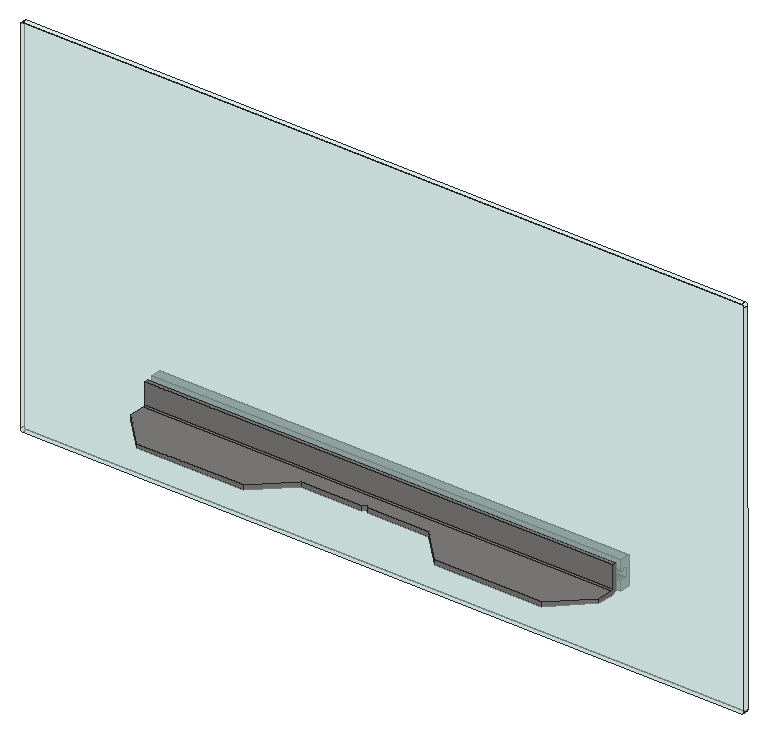
Revit family "Casual_Space_Division-Teknion-HNBCDG_Navigate_Desk_Edge_Screen_Glass-R2016", category Furniture, Revit 2016
Family settings
  OmniClass Number = 23.40.20.00
  OmniClass Title = General Furniture and Specialties
  Work Plane-Based = Yes
  Always vertical = Yes
  Cut with Voids When Loaded = No
  Shared = Yes
  Room Calculation Point = No
Parameters (values of type "13" Height")
  Width [instance] = 46.000"
  Warranty = "http://www.teknion.com/ca/papers/legal-canada"
  Unit Weight URL = "http://www.teknion.com/ca/tools/assets#&asset=bee6a381-b954-425e-8283-5a2de3a804f2,f828d448-4b62-4231-9e5f-9a8991c0ed77"
  URL = "www.teknion.com"
  To render please download texture images found here [instance] = "https://assets.teknion.com/web/5e81352c1dfdb467/revit-material-swatches/"
  Sustainability Data = "https://www.teknion.com/ca/tools/assets#&topic=216f99a5-57a0-44fc-b10a-9dee9b29ae4c&asset=444deb64-fe58-4b68-981e-f75e97781df7,b4ff2d81-9f2e-437d-9659-7cffb09c31cf"
  Series = "Height-Adjustable Bench"  # constant formula
  Screen Finish [instance] = Glass - Teknion - FT - Frosted Glass
  Product Page URL = "https://www.teknion.com/products/product-details?productLineId=8551336e-8e7a-673b-a6c8-ff00004460c4"
  Product Line = "Height-Adjustable Bench"  # constant formula
  Product Documentation Link = "https://www.teknion.com/pricing/hab/pdfs/HNBCDG_ppg.pdf"
  Part Number = "HNBCDG_"  # constant formula
  Model = "HNBCDG13___"
  Manufacturer Phone = "416-661-3370"  # constant formula
  Manufacturer Fax = "416.661.4586"  # constant formula
  Manufacturer Contact Information = "http://www.teknion.com/ca/contactus"
  Manufacturer Address = "1150 Flint Road, Toronto, ON. M3J 2J5. Canada"  # constant formula
  Manufacturer = "Teknion"  # constant formula
  How To Use Teknion Materials User Guide [instance] = "https://assets.teknion.com/m/205dd0a49fa58060/original/How-to-add-a-Material-Library-and-Texture-Images-to-your-Revit-project.pdf"
  Height = 13.00021"
  For Additional Finishes please visit [instance] = "https://assets.teknion.com/m/44a8009b046e5d47/original/Teknion_Materials_Library.zip"
  Description = "Navigate Desk Edge Screen – Glass, 13\" Height"
  Default Elevation = 48.000"
  Bracket Length [instance] = if(Width = 46.000", 8.000", if(and(Width > 51.000", Width < 63.000"), 11.000", if(and(Width > 63.000", Width < 76.000"), 14.000", if(and(Width > 75.000", Width < 83.000"), 17.000", 8.000"))))  # 8.000"
  Bracket Finish [instance] = Seamless Paint - Teknion - 24 - Greystone
  Available Widths [instance] = "46, 52, 58, 64, 70, 76, 82 inches."  # constant formula
  Assembly Code = "E2020200"
  Actual Width [instance] = Width - 12.000"  # 34.000"
Types (3): name | Model | Height | Description
  (no name) | "HNBCDG13___" | 13.00021" | "Navigate Desk Edge Screen – Glass, 13\" Height"
  13" Height | "HNBCDG13___" | 13.00021" | "Navigate Desk Edge Screen – Glass, 13\" Height"
  22" Height | "HNBCDG22___" | 22.000" | "Navigate Desk Edge Screen – Glass, 22\" Height"
Reference planes (in)
  plane 1 "Center Front/Back": y = 0.4569
  plane 2: z = 0
  plane 3 "Center Left/Right": x = 0
  plane 4 "Left": x = -17
  plane 5 "Right": x = 17
  plane 6 "Back": y = 0.9138
  plane 7 "Front": y = 0
  plane 8 "Top": z = 13.00021
  plane 9: z = -1.188
  plane 10: x = -11
  plane 11: x = 11
  plane 12: z = -4.24979
  plane 13: x = -3
  plane 14: x = 3
Forms (in)
  Sweep 1, solid, material "Seamless Paint - Teknion - 24 - Greystone" <- "Bracket Finish"
    path origin (0, 0, 0) x (1, 0, 0) y (0, 1, 0)
      loop
        line (-11, -2.75) -> (11, -2.75)
    profile origin (0, -2.75, 0) x (0, 1, 0) y (0, 0, 1)
      loop
        line (0.4388, -1) -> (0.4388, -1.188) -> (2.6908, -1.188)
        arc (2.6908, -1.188) -> (2.86616, -1.11536) -> (2.9388, -0.94) r 0.248
        line (2.9388, -0.94) -> (2.9388, 0.06) -> (2.75, 0.06) -> (2.75, -0.9408)
        arc (2.75, -0.9408) -> (2.73266, -0.98266) -> (2.6908, -1) r 0.0592
        line (2.6908, -1) -> (0.4388, -1)
      loop
        line (3.6638, -1.20979) -> (3.6638, 0.09021) -> (3.19691, 0.09021) -> (3.19691, -0.31579) -> (3.2638, -0.31579) -> (3.2638, -0.42979) -> (3.3338, -0.42979) -> (3.3338, -0.33479) -> (3.5638, -0.33479) -> (3.5638, -0.78479) -> (3.3338, -0.78479) -> (3.3338, -0.68979) -> (3.2638, -0.68979) -> (3.2638, -0.80379) -> (3.19691, -0.80379) -> (3.19691, -1.20979) -> (3.6638, -1.20979)
  Sweep 2, void
    path origin (0, 0.4569, 0) x (1, 0, 0) y (0, 0, 1)
      loop
        line (0, -4.24979) -> (0, -0.00359)
    profile origin (0, 0.4569, -2.12669) x (-1, 0, 0) y (0, -1, 0)
      loop
        line (11, 1.2689) -> (11, 4.2689) -> (-11, 4.2689) -> (-11, 1.2689) -> (-9.5, 2.7689) -> (-4.5, 2.7689) -> (-3, 1.2689) -> (-0.125, 1.2689) -> (0, 1.1439) -> (0.125, 1.2689) -> (3, 1.2689) -> (4.5, 2.7689) -> (9.5, 2.7689) -> (11, 1.2689)
  Sweep 3, solid, material "Glass - Teknion - FT - Frosted Glass" <- "Screen Finish"
    path origin (0, 0, 0) x (1, 0, 0) y (0, 1, 0)
      loop
        line (0, 0.21069) -> (0, 0.44691)
    profile origin (0, 0.3288, 0) x (-1, 0, 0) y (0, 0, 1)
      loop
        arc (16.875, -4.24979) -> (16.96339, -4.21318) -> (17, -4.12479) r 0.125
        line (17, -4.12479) -> (17, 12.87521)
        arc (17, 12.87521) -> (16.96339, 12.96359) -> (16.875, 13.00021) r 0.125
        line (16.875, 13.00021) -> (-16.875, 13.00021)
        arc (-16.875, 13.00021) -> (-16.96339, 12.96359) -> (-17, 12.87521) r 0.125
        line (-17, 12.87521) -> (-17, -4.12479)
        arc (-17, -4.12479) -> (-16.96339, -4.21318) -> (-16.875, -4.24979) r 0.125
        line (-16.875, -4.24979) -> (16.875, -4.24979)
Cuts and joins
  Sweep 2 cuts Sweep 1
Lines and regions (in)
  Masking region 1
    outline origin (0, 0, 0) x (1, 0, 0) y (0, 1, 0)
      loop
        line (17, 0.21069) -> (17, 0.44691) -> (-17, 0.44691) -> (-17, 0.21069) -> (17, 0.21069)
  Masking region 2
    outline origin (0, 0, 0) x (1, 0, 0) y (0, 1, 0)
      loop
        line (11, 0.44691) -> (11, 0.9138) -> (-11, 0.9138) -> (-11, 0.44691) -> (11, 0.44691)
  symbolic lines, style "FurnitureHiddenLines", detail levels medium+fine
    curve 1: line (-11, -0.812, 0) -> (-11, 0.21069, 0)
    curve 2: line (-9.5008, -2.3112, 0) -> (-11, -0.812, 0)
    curve 3: line (-4.4992, -2.3112, 0) -> (-9.5008, -2.3112, 0)
    curve 4: line (-3, -0.812, 0) -> (-4.4992, -2.3112, 0)
    curve 5: line (-0.125, -0.812, 0) -> (-3, -0.812, 0)
    curve 6: line (0, -0.687, 0) -> (-0.125, -0.812, 0)
    curve 7: line (0.125, -0.812, 0) -> (0, -0.687, 0)
    curve 8: line (3, -0.812, 0) -> (0.125, -0.812, 0)
    curve 9: line (4.4992, -2.3112, 0) -> (3, -0.812, 0)
    curve 10: line (9.5008, -2.3112, 0) -> (4.4992, -2.3112, 0)
    curve 11: line (11, -0.812, 0) -> (9.5008, -2.3112, 0)
    curve 12: line (11, -0.812, 0) -> (11, 0.21069, 0)
  symbolic lines, style "FurnitureHiddenLines", detail levels fine
    curve 13: line (-11, 0, 0) -> (11, 0, 0)
    curve 14: line (-11, 0.8138, 0) -> (11, 0.8138, 0)
    curve 15: line (11, 0.5838, 0) -> (-11, 0.5838, 0)
    curve 16: line (-11, 0.5138, 0) -> (11, 0.5138, 0)
  reference lines
    curve 17: line (-17, 0.9138, 0) -> (-17, 0, 0)
    curve 18: line (17, 0.9138, 0) -> (17, 0, 0)
Dimensions and locks (in)
  "Actual Width": plane 4 "Left" to plane 5 "Right"
  equal spacing: plane 6 "Back", plane 1 "Center Front/Back", plane 7 "Front"
  "Height": plane 8 "Top" to level
  equal spacing: plane 4 "Left", plane 3 "Center Left/Right", plane 5 "Right"
  plane 2 to plane 9 to plane 12 = 1.188" locked, 3.06179" locked
  locked: plane 4 "Left" to plane 10 at 6
  locked: plane 5 "Right" to plane 11 at 6
  plane 9 to Sweep 1 sketch curve to Sweep 1 sketch curve to Sweep 1 sketch curve = 0.188" locked, 0.0592" locked, 1.0008" locked
  Sweep 1 sketch curve to plane 7 "Front" to Sweep 1 sketch curve to Sweep 1 sketch curve = 0.1888" locked, 0.0592" locked, 0.000" locked
  Sweep 2 sketch curve to Sweep 2 sketch curve to Sweep 2 sketch curve to Sweep 2 sketch curve to Sweep 2 sketch curve to Sweep 2 sketch curve to Sweep 2 sketch curve to Sweep 2 sketch curve to plane 7 "Front" = 1.500" locked, 0.000" locked, 1.500" locked, 0.000" locked, 0.000" locked, 0.000" locked, 0.125" locked, 0.687" locked
  locked: plane 10 to Sweep 2 sketch curve at 1.5
  locked: Sweep 2 sketch curve to plane 11 at 1.5
  Sweep 2 sketch curve to plane 3 "Center Left/Right" to Sweep 2 sketch curve to Sweep 2 sketch curve = 0.125" locked, 0.000" locked, 0.125" locked
  "Bracket Length": plane 10 to plane 13
  "Bracket Length": plane 14 to plane 11
  Sweep 2 sketch curve to plane 13 to Sweep 2 sketch curve = 1.500" locked, 0.000" locked
  plane 14 to Sweep 2 sketch curve to Sweep 2 sketch curve = 0.000" locked, 1.500" locked
  locked: Sweep 2 sketch curve to plane 12 at 4.24621
  locked: plane 7 "Front" to plane 6 "Back" at 0.9138
  locked: plane 8 "Top" to Sweep 3 sketch curve at 0.125  (x2)
  locked: Sweep 3 sketch curve to plane 4 "Left" at 0.125  (x2)
  locked: Sweep 3 sketch curve to plane 5 "Right" at 0.125  (x2)
  locked: Sweep 3 sketch curve to plane 12 at 0.125  (x2)
  Sweep 1 sketch curve to level to Sweep 1 sketch curve to Sweep 1 sketch curve to Sweep 1 sketch curve to Sweep 1 sketch curve to Sweep 1 sketch curve to Sweep 1 sketch curve to Sweep 1 sketch curve = 0.09021" locked, 0.31579" locked, 0.019" locked, 0.095" locked, 0.260" locked, 0.095" locked, 0.019" locked, 0.406" locked
  Sweep 1 sketch curve to Sweep 1 sketch curve to Sweep 1 sketch curve to Sweep 1 sketch curve to Sweep 1 sketch curve to plane 1 "Center Front/Back" to Sweep 1 sketch curve to Sweep 1 sketch curve = 0.230" locked, 0.000" locked, 0.070" locked, 0.000" locked, 0.0569" locked, 0.00999" locked, 0.000" locked
  aligned and locked: level to plane 2
  aligned and locked: Sweep 1 sketch curve to plane 11
  aligned and locked: plane 10 to Sweep 1 sketch curve
  aligned and locked: plane 9 to Sweep 1 sketch curve
  aligned and locked: Sweep 1 sketch curve to plane 7 "Front"
  aligned and locked: plane 10 to Sweep 2 sketch curve
  aligned and locked: Sweep 2 sketch curve to plane 11
  aligned and locked: curve 1 to cut or joined group of Sweep 1, Sweep 2
  aligned and locked: curve 2 to cut or joined group of Sweep 1, Sweep 2
  aligned and locked: curve 3 to cut or joined group of Sweep 1, Sweep 2
  aligned and locked: curve 4 to cut or joined group of Sweep 1, Sweep 2
  aligned and locked: curve 5 to cut or joined group of Sweep 1, Sweep 2
  aligned and locked: curve 6 to cut or joined group of Sweep 1, Sweep 2
  aligned and locked: curve 7 to cut or joined group of Sweep 1, Sweep 2
  aligned and locked: curve 8 to cut or joined group of Sweep 1, Sweep 2
  aligned and locked: curve 9 to cut or joined group of Sweep 1, Sweep 2
  aligned and locked: curve 11 to cut or joined group of Sweep 1, Sweep 2
  aligned and locked: curve 12 to cut or joined group of Sweep 1, Sweep 2
  aligned and locked: curve 10 to cut or joined group of Sweep 1, Sweep 2
  aligned and locked: plane 12 to Sweep 2 sketch curve
  aligned and locked: plane 12 to Sweep 3 sketch curve
  aligned and locked: Sweep 3 sketch curve to plane 4 "Left"
  aligned and locked: Sweep 3 sketch curve to plane 5 "Right"
  aligned and locked: plane 8 "Top" to Sweep 3 sketch curve
  aligned and locked: Sweep 1 sketch curve to plane 6 "Back"
  aligned and locked: Masking region 1 sketch curve to Sweep 3  (x2)
  aligned and locked: Masking region 1 sketch curve to plane 4 "Left"
  aligned and locked: plane 5 "Right" to Masking region 1 sketch curve
  aligned and locked: Sweep 3 to Masking region 2 sketch curve
  aligned and locked: plane 11 to Masking region 2 sketch curve
  aligned and locked: Masking region 2 sketch curve to plane 6 "Back"
  aligned and locked: Masking region 2 sketch curve to plane 10
  aligned and locked: curve 13 to cut or joined group of Sweep 1, Sweep 2
  aligned and locked: Sweep 3 to curve 1
  aligned and locked: Sweep 3 to curve 12
  aligned and locked: curve 14 to cut or joined group of Sweep 1, Sweep 2
  aligned and locked: curve 15 to cut or joined group of Sweep 1, Sweep 2
  aligned and locked: curve 16 to cut or joined group of Sweep 1, Sweep 2
  aligned and locked: curve 17 to plane 4 "Left"
  aligned and locked: curve 18 to plane 5 "Right"
Automatic sketch dimensions
  plane 7 "Front" to Sweep 1 sketch curve = 2.750"
  Sweep 2 sketch curve to plane 3 "Center Left/Right" = 0.000"
  Sweep 3 sketch curve to plane 3 "Center Left/Right" = 0.000"
  Sweep 3 sketch curve to plane 7 "Front" = 0.21069"
  plane 1 "Center Front/Back" to Sweep 3 sketch curve = 0.00999"
  Sweep 1 sketch curve to profile plane = 0.4388"
  curve 14 to plane 10 = 0.000"
  curve 14 to plane 11 = 0.000"
  curve 15 to plane 10 = 0.000"
  curve 15 to plane 11 = 0.000"
  curve 16 to plane 10 = 0.000"
  curve 16 to plane 11 = 0.000"
  curve 17 to plane 7 "Front" = 0.000"
  curve 17 to plane 6 "Back" = 0.000"
  plane 7 "Front" to curve 18 = 0.000"
  curve 18 to plane 6 "Back" = 0.000"
